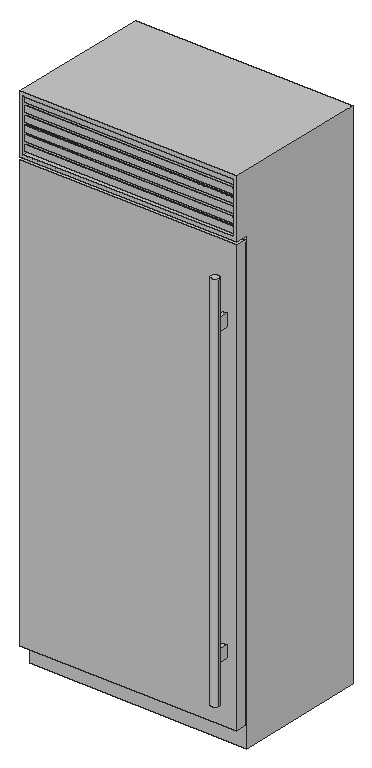
Revit family "M_Refrigerador-Porta em aço inoxidável", category Equipamento especial, Revit 2019
Family settings
  Cota do conector redondo = Utilizar diâmetro
  Tipo de parte = Normal
  Número OmniClass = 23.40.40.14
  Título OmniClass = Food Service Equipment
  Com base no plano de trabalho = Não
  Sempre na vertical = Sim
  Corte com vazios quando carregada = Não
  Compartilhado = Não
  Ponto de cálculo do ambiente = Não
Parameters (values of type "900mm LH")
  Largura = 900 mm
  Deslocamento de parede = 100 mm
  Voltagem = 120 V
  Type Comments = ""
  Mostrar legenda = yes
  RH = no
  Consumo de energia = 1000 VA
  Legenda = "Refrigerador"
  LH = not(RH)  # yes
  Altura = 2150 mm
  Linha de centro do puxador = if(RH, 50 mm, (Largura - 50 mm))  # 850 mm
  Junta = Eletrodoméstico – Junta
  Descrição = "Refrigerador com porta em aço inoxidável"
  Linear = 600 mm
  Código de montagem = "E1090320"
  Acabamento do eletrodoméstico = Eletrodoméstico – Aço inoxidável
  Amperagem = Consumo de energia / Voltagem  # 8.33333 A
Types (2, lengths in mm): name | RH | LH | Linha de centro do puxador
  900mm LH | no | yes | 850
  900mm RH | yes | no | 50
Reference planes
  plane 1 "Parte posterior": y = 0
  plane 2: z = 0
  plane 3 "Centro (Esquerda/Direita)": x = 0
  plane 4 "Esquerda": x = -450
  plane 5 "Direita": x = 450
  plane 6: y = -100
  plane 7 "Parte frontal": y = -700
  plane 8 "Traseira da porta": y = -649.2
  plane 9 "Superior": z = 2150
  plane 10 "Porta B.O.": z = 88.9
  plane 11: z = 1905.525
  plane 12: x = 400
  plane 13: z = 1778.525
  plane 14: z = 190.5
Forms (mm)
  Extrusion 1, solid, material "Eletrodoméstico – Aço inoxidável" <- "Acabamento do eletrodoméstico"
    sketch origin (0, 0, 0) x (1, 0, 0) y (0, 1, 0)
      loop
        line (-450, -100) -> (-450, -649.2) -> (450, -649.2) -> (450, -100) -> (-450, -100)
    from 0 to 2150
  Extrusion 2, solid, material "Eletrodoméstico – Aço inoxidável" <- "Acabamento do eletrodoméstico"
    sketch origin (0, -700, 0) x (-1, 0, 0) y (0, 0, 1)
      loop
        line (450, 2150) -> (-450, 2150) -> (-450, 1905.525) -> (450, 1905.525) -> (450, 2150)
      loop
        line (437.3, 2137.3) -> (-437.3, 2137.3) -> (-437.3, 1918.225) -> (437.3, 1918.225) -> (437.3, 2137.3)
    from 0 to 50.8
  Extrusion 3, solid, material "Eletrodoméstico – Aço inoxidável" <- "Acabamento do eletrodoméstico"
    sketch origin (0, 0, 0) x (0, 1, 0) y (0, 0, 1)
      loop
        line (-649.2, 1921.627) -> (-693.65, 1933.537) -> (-693.65, 1956.386) -> (-696.825, 1956.386) -> (-696.825, 1930.986) -> (-649.2, 1918.225) -> (-649.2, 1921.627)
      loop
        line (-649.2, 1957.809) -> (-693.65, 1969.72) -> (-693.65, 1992.569) -> (-696.825, 1992.569) -> (-696.825, 1967.169) -> (-649.2, 1954.408) -> (-649.2, 1957.809)
      loop
        line (-649.2, 1993.992) -> (-693.65, 2005.902) -> (-693.65, 2028.752) -> (-696.825, 2028.752) -> (-696.825, 2003.352) -> (-649.2, 1990.591) -> (-649.2, 1993.992)
      loop
        line (-649.2, 2030.175) -> (-693.65, 2042.085) -> (-693.65, 2064.934) -> (-696.825, 2064.934) -> (-696.825, 2039.534) -> (-649.2, 2026.773) -> (-649.2, 2030.175)
      loop
        line (-649.2, 2066.358) -> (-693.65, 2078.268) -> (-693.65, 2101.117) -> (-696.825, 2101.117) -> (-696.825, 2075.717) -> (-649.2, 2062.956) -> (-649.2, 2066.358)
      loop
        line (-649.2, 2102.54) -> (-693.65, 2114.451) -> (-693.65, 2137.3) -> (-696.825, 2137.3) -> (-696.825, 2111.9) -> (-649.2, 2099.139) -> (-649.2, 2102.54)
    from -437.3 to 437.3
  Extrusion 4, solid, material "Eletrodoméstico – Aço inoxidável" <- "Acabamento do eletrodoméstico", detail levels fine
    sketch origin (0, -700, 0) x (-1, 0, 0) y (0, 0, 1)
      loop
        line (-390.475, 1626.125) -> (-409.525, 1626.125) -> (-409.525, 1575.325) -> (-390.475, 1575.325) -> (-390.475, 1626.125)
      loop
        line (-390.475, 393.7) -> (-409.525, 393.7) -> (-409.525, 342.9) -> (-390.475, 342.9) -> (-390.475, 393.7)
    from -42.559 to 0
  Extrusion 5, solid, material "Eletrodoméstico – Aço inoxidável" <- "Acabamento do eletrodoméstico", detail levels fine
    sketch origin (0, 0, 0) x (1, 0, 0) y (0, 1, 0)
      loop
        circle (400, -751.174) r 15.875
    from 190.5 to 1778.525
  Extrusion 6, solid, material "Eletrodoméstico – Aço inoxidável" <- "Acabamento do eletrodoméstico"
    sketch origin (0, -700, 0) x (-1, 0, 0) y (0, 0, 1)
      loop
        line (450, 1892.825) -> (-450, 1892.825) -> (-450, 88.9) -> (450, 88.9) -> (450, 1892.825)
    from 0 to 44.45
  Sweep 7, solid, material "Eletrodoméstico – Junta" <- "Junta", detail levels fine
    path in 3D
      loop
        line (-450, -700, 1892.825) -> (-450, -700, 88.9) -> (450, -700, 88.9) -> (450, -700, 1892.825) -> (-450, -700, 1892.825)
    profile origin (0, -700, 1892.825) x (0, -1, 0) y (0, 0, 1)
      loop
        line (-50.8, -3.175) -> (-50.8, -6.35) -> (-44.45, -6.35) -> (-44.45, -3.175)
        arc (-44.45, -3.175) -> (-47.625, 0) -> (-50.8, -3.175) r 3.175
Cuts and joins
  joined: Extrusion 1, Extrusion 2
  joined: Extrusion 4, Extrusion 5
Lines and regions (mm)
  Split face 1
    outline origin (-450, -100, 0) x (1, 0, 0) y (0, 0, -1)
      loop
        circle (747.6, -1997.6) r 50.8
  Split face 2
    outline origin (-450, -100, 0) x (1, 0, 0) y (0, 0, -1)
      loop
        circle (450, -88.9) r 50.8
  Masking region 1
    outline origin (0, 0, 0) x (1, 0, 0) y (0, 1, 0)
      loop
        line (-450, -100) -> (-450, -700) -> (450, -700) -> (450, -100) -> (-450, -100)
  Masking region 2, detail levels fine
    outline origin (0, 0, 0) x (1, 0, 0) y (0, 1, 0)
      loop
        line (409.525, -738.474) -> (409.525, -700) -> (390.475, -700) -> (390.475, -738.474)
        arc (390.475, -738.474) -> (385.801, -744.075) -> (384.125, -751.174) r 15.875
        arc (384.125, -751.174) -> (400, -767.049) -> (415.875, -751.174) r 15.875
        arc (415.875, -751.174) -> (414.199, -744.075) -> (409.525, -738.474) r 15.875
  symbolic lines, style "Eletrodomésticos – Giro da planta", visible <- "LH", detail levels medium+fine
    curve 1: arc (450, -700, 0) -> (186.396, -1336.396, 0) -> (-450, -1600, 0) r 900
    curve 2: line (-450, -700, 0) -> (-450, -1600, 0)
  symbolic lines, style "Eletrodomésticos – Giro da planta", visible <- "RH", detail levels medium+fine
    curve 3: arc (-450, -700, 0) -> (-186.396, -1336.396, 0) -> (450, -1600, 0) r 900
    curve 4: line (450, -1600, 0) -> (450, -700, 0)
  sketch lines
    curve 5: line (450, -700, 1892.825) -> (-450, -700, 1892.825)
    curve 6: line (450, -700, 88.9) -> (450, -700, 1892.825)
    curve 7: line (-450, -700, 88.9) -> (450, -700, 88.9)
    curve 8: line (-450, -700, 1892.825) -> (-450, -700, 88.9)
  symbolic lines, style "Eletrodomésticos"
    curve 9: line (-450, -100, 0) -> (450, -100, 0)
    curve 10: line (-450, -700, 0) -> (-450, -100, 0)
    curve 11: line (450, -700, 0) -> (-450, -700, 0)
    curve 12: line (450, -100, 0) -> (450, -700, 0)
    curve 13: line (-450, -649.2, 0) -> (450, -649.2, 0)
  symbolic lines, style "Eletrodomésticos", detail levels fine
    curve 14: arc (415.875, -751.174, 0) -> (400, -735.299, 0) -> (384.125, -751.174, 0) r 15.875
    curve 15: arc (384.125, -751.174, 0) -> (400, -767.049, 0) -> (415.875, -751.174, 0) r 15.875
    curve 16: line (409.525, -738.474, 0) -> (409.525, -700, 0)
    curve 17: line (390.475, -700, 0) -> (390.475, -738.474, 0)
Dimensions and locks
  equal spacing: plane 4 "Esquerda", plane 3 "Centro (Esquerda/Direita)", plane 5 "Direita"
  "Largura": plane 4 "Esquerda" to plane 5 "Direita"
  "Linear": plane 6 to plane 7 "Parte frontal"
  "Deslocamento de parede": plane 1 "Parte posterior" to plane 6
  "Altura": plane 9 "Superior" to level
  plane 10 "Porta B.O." to level = 88.9 mm
  locked: plane 8 "Traseira da porta" to plane 7 "Parte frontal" at 50.8
  locked: plane 9 "Superior" to plane 11 at 244.475
  locked: cut or joined group of Extrusion 1, Extrusion 2 to plane 4 "Esquerda" at 12.7
  locked: plane 5 "Direita" to cut or joined group of Extrusion 1, Extrusion 2 at 12.7
  locked: plane 11 to plane 13 at 127
  plane 14 to plane 10 "Porta B.O." = 101.6 mm
  Extrusion 4 sketch curve to plane 12 to Extrusion 4 sketch curve = 9.525 mm locked, 9.525 mm locked  (x2)
  plane 13 to Extrusion 4 sketch curve to Extrusion 4 sketch curve = 152.4 mm locked, 50.8 mm locked
  Extrusion 4 sketch curve to Extrusion 4 sketch curve to plane 14 = 50.8 mm locked, 152.4 mm locked
  locked: plane 7 "Parte frontal" to Extrusion 5 sketch curve at 51.174
  locked: Split face 1 sketch curve to plane 9 "Superior" at 152.4
  locked: plane 5 "Direita" to Split face 1 sketch curve at 152.4
  "Linha de centro do puxador": plane 4 "Esquerda" to plane 12
  locked: plane 11 to Extrusion 6 sketch curve at 12.7
  locked: plane 11 to Sweep 7 sketch curve at 19.05
  equal spacing: plane 6, nested 1, plane 8 "Traseira da porta"
  "Largura": radius of curve 3
  "Largura": radius of curve 1
  aligned and locked: plane 2 to level
  aligned and locked: Extrusion 1 sketch curve to plane 6
  aligned and locked: plane 4 "Esquerda" to Extrusion 1 sketch curve
  aligned and locked: plane 8 "Traseira da porta" to Extrusion 1 sketch curve
  aligned and locked: Extrusion 1 sketch curve to plane 5 "Direita"
  aligned and locked: plane 9 "Superior" to Extrusion 1
  aligned and locked: Extrusion 2 sketch curve to Extrusion 1  (x2)
  aligned and locked: plane 11 to Extrusion 2 sketch curve
  aligned and locked: Extrusion 2 sketch curve to plane 5 "Direita"
  aligned and locked: plane 8 "Traseira da porta" to Extrusion 2
  aligned and locked: Extrusion 3 to Extrusion 2  (x2)
  aligned and locked: plane 7 "Parte frontal" to Extrusion 4
  aligned and locked: plane 12 to Extrusion 5 sketch curve
  aligned and locked: Extrusion 5 to plane 14
  aligned and locked: plane 13 to Extrusion 5
  aligned and locked: plane 3 "Centro (Esquerda/Direita)" to Split face 2 sketch curve
  aligned and locked: plane 10 "Porta B.O." to Split face 2 sketch curve
  aligned and locked: plane 13 to cut or joined group of Extrusion 4, Extrusion 5
  aligned and locked: plane 4 "Esquerda" to Extrusion 6 sketch curve
  aligned and locked: Extrusion 6 sketch curve to plane 5 "Direita"
  aligned and locked: plane 10 "Porta B.O." to Extrusion 6 sketch curve
  aligned and locked: plane 3 "Centro (Esquerda/Direita)" to nested 1
  aligned and locked: Masking region 1 sketch curve to plane 5 "Direita"
  aligned and locked: Masking region 1 sketch curve to plane 6
  aligned and locked: plane 4 "Esquerda" to Masking region 1 sketch curve
  aligned and locked: plane 7 "Parte frontal" to Masking region 1 sketch curve
  aligned and locked: Masking region 2 sketch curve to cut or joined group of Extrusion 4, Extrusion 5  (x5)
  aligned and locked: Masking region 2 sketch curve to plane 7 "Parte frontal"
Automatic sketch dimensions
  Extrusion 2 sketch curve to plane 5 "Direita" = 12.7 mm
  plane 4 "Esquerda" to Extrusion 2 sketch curve = 12.7 mm
  plane 11 to Extrusion 2 sketch curve = 12.7 mm
  Extrusion 2 sketch curve to plane 9 "Superior" = 12.7 mm
  Extrusion 3 sketch curve to plane 8 "Traseira da porta" = 0 mm  (x6)
  plane 7 "Parte frontal" to Extrusion 3 sketch curve = 6.35 mm  (x6)
  Extrusion 3 sketch curve to Extrusion 3 sketch curve = 3.175 mm  (x2)
  plane 7 "Parte frontal" to Extrusion 3 sketch curve = 3.175 mm  (x4)
  plane 11 to Extrusion 3 sketch curve = 12.7 mm
  Extrusion 3 sketch curve to Extrusion 3 sketch curve = 3.402 mm  (x6)
  plane 11 to Extrusion 3 sketch curve = 25.461 mm
  Extrusion 3 sketch curve to Extrusion 3 sketch curve = 2.551 mm  (x6)
  Extrusion 3 sketch curve to Extrusion 3 sketch curve = 32.781 mm  (x5)
  Extrusion 3 sketch curve to Extrusion 3 sketch curve = 22.849 mm  (x5)
  Extrusion 3 sketch curve to Extrusion 3 sketch curve = 10.783 mm  (x5)
  Extrusion 3 sketch curve to plane 9 "Superior" = 12.7 mm
  Sweep 7 sketch curve to Sweep 7 sketch curve = 3.175 mm
  Sweep 7 sketch curve to profile plane = 3.175 mm
  profile plane to Sweep 7 sketch curve = 50.8 mm
  curve 1 to plane 4 "Esquerda" = 0 mm
  curve 17 to plane 7 "Parte frontal" = 0 mm
  curve 15 to plane 12 = 0 mm
  curve 13 to plane 8 "Traseira da porta" = 0 mm
  curve 9 to plane 6 = 0 mm
  curve 15 to plane 7 "Parte frontal" = 51.174 mm
  curve 15 to curve 14 = 15.875 mm
  curve 17 to plane 12 = 9.525 mm
  plane 12 to curve 16 = 9.525 mm
  radius of Extrusion 5 sketch curve = 15.875 mm
  radius of Split face 1 sketch curve = 50.8 mm
  radius of Split face 2 sketch curve = 50.8 mm
Nested families
  nested 1: "Anotação de legenda de 2,5" at (0, -374.6, 0), visible <- "Mostrar legenda", type "Anotação de legenda de 2,5"
Connectors
  electrical at (297.6, -100, 1997.6), driven by "Voltagem", driven by "Consumo de energia"
    settings: on Extrusion 1, index 1, voltage 120 V, apparent load 1000 VA, apparent load phase1 0 VA, apparent load phase2 0 VA, apparent load phase3 0 VA, power factor 1, load classification "Eletrodoméstico", number of poles 1, system type 30, power factor state 1, is connector primary yes, connector utility no, sub classification motor no, connector description "Potência do refrigerador"
  piping at (0, -100, 88.9), diameter 6.35
    settings: on Extrusion 1, index 2, connector inside diameter 609.6 mm, connector length 0 mm, flow factor 0, pipe flow 0.0 L/s, pressure drop 0.0 Pa, fitting loss kfactor 0, connector angle 0.00°, fixture units 1, engagement length 0 mm, angle of deflection 0.00°, flow configuration 3, flow direction 1, fitting loss method 0, system type 20, joint type 0, gender type 0, connector reference index -1, connector utility 0, adjustable connector no, is connector primary yes, connector description "Gelo – Suprimento de água"
Definition of nested family "Anotação de legenda de 2,5"
  Parameters
    Legenda = "Congelador 36 LH"
  Reference planes
    plane 1: y = 0
    plane 2: x = 0
  Text (mm)
    label "Legenda" at (0.095, -0.088, 0), shows "Legenda"
